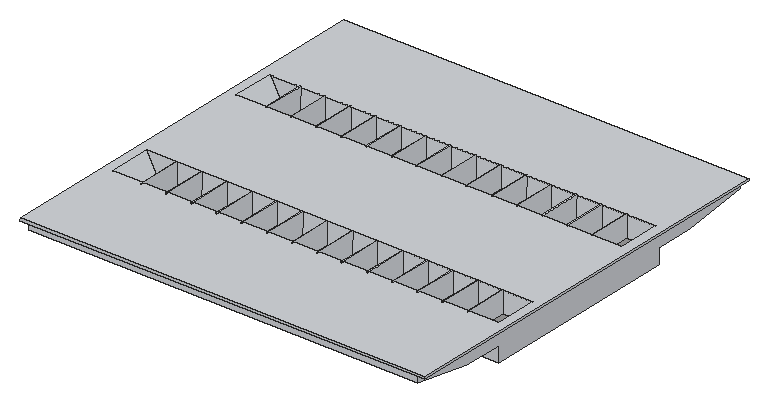
Revit family "0052577 Sylvania Lighting Fixture RANA NEO 3500LM REC 600x600 840 CC 2L WHITE", category Lighting Fixtures, host Face, Revit 2016
Family settings
  Host = Face
  Part Type = Normal
  Round Connector Dimension = Use Diameter
  OmniClass Number = 23.80.70.00
  OmniClass Title = Lighting
  Cut with Voids When Loaded = No
  Light Source = Yes
  Shared = No
  Room Calculation Point = No
Parameters (values of type "0052577 RANA NEO 3500LM R 600 840 CC 2L WHT")
  fin7 = 37 mm
  fin3 = 332 mm
  fin2 [instance] = 368 mm
  fin 6 = 110 mm
  fin 5 = 185 mm
  fin 4 = 258 mm
  fin 3 [instance] = 318 mm
  fin 2 = 407 mm
  fin 1 = 480 mm
  Width_SYL = if([600x600_SYL], 595 mm, if([625x625_SYL], 620 mm, if([1200_SYL], 296 mm, 306 mm)))  # 595 mm
  Weight = "n/a"
  Wattage Comments = ""
  Wattage = 28 W
  WarrantyStartDate [instance] = "n/a"
  WarrantyGuarantorParts = "n/a"
  WarrantyDurationUnit = "n/a"
  WarrantyDurationParts = ""
  WarrantyDescription = "http://www.sylvania-lighting.com"
  built-in parameter 1150110 = 1 (stored number, unit not read)
  Voltage = 0 V
  URL = "0.97"
  TypeName = "RANA NEO 3500LM REC 600x600 840 CC 2L WHITE"
  Type Image = <None>
  Type Comments = "n/a"
  built-in parameter 1114217 = 1 (stored number, unit not read)
  TopWidth_SYL = if([600x600_SYL], 295 mm, if([625x625_SYL], 295 mm, if([1200_SYL], 165 mm, 165 mm)))  # 295 mm
  Tilt Angle = -90.00°
  built-in parameter 1150109 = 1 (stored number, unit not read)
  built-in parameter 1150134 = (empty or 0)
  built-in parameter 1150113 = 1 (stored number, unit not read)
  SlopeTopWidth_SYL = if([600x600_SYL], 410 mm, if([625x625_SYL], 410 mm, if([1200_SYL], 168 mm, 168 mm)))  # 410 mm
  SlopeBottomWidth_SYL = if([600x600_SYL], 593 mm, if([625x625_SYL], 593 mm, if([1200_SYL], 244 mm, 244 mm)))  # 593 mm
  SlopeHeight_SYL = if([600x600_SYL], 17 mm, if([625x625_SYL], 17 mm, if([1200_SYL], 40 mm, 40 mm)))  # 17 mm
  SerialNumber [instance] = "n/a"
  ReflectorNumber_SYL = if([1Ref_SYL], 2, if([2Ref_SYL], 2, 3))  # 2
  ReflectorLength_SYL = Length_SYL - Inset_SYL * 2 - 5 mm  # 550 mm
  ReflectorInset_SYL = if([1Ref_SYL], 82.4 mm, if([2Ref_SYL], 30 mm, 30 mm))  # 30 mm
  Photometric Web File = "0052577.ies"
  Material_3_SYL = none
  PowerFactor = 0.95
  PowerConsumption = "Lighting"
  NominalLength = 595 mm
  NominalHeight = 60 mm
  NominalDepth = 595 mm
  Name = "RANA NEO 3500LM REC 600x600 840 CC 2L WHITE"
  ModelReference = Name  # "RANA NEO 3500LM REC 600x600 840 CC 2L WHITE"
  ModelNumber = "0052577"
  Model = Name  # "RANA NEO 3500LM REC 600x600 840 CC 2L WHITE"
  Material = "Feilo Sylvania"
  ManufacturerName = "117 lm/W"
  Manufacturer = ""
  LuminousEfficacy = ""
  built-in parameter 1150105 = 222.82 (stored number, unit not read)
  Lumens = 2800 lm
  LuminaireType = "0"
  built-in parameter 1150115 = 1 (stored number, unit not read)
  LouverNumber_SYL = if([600x600_SYL], 14, if([625x625_SYL], 14, if([1200_SYL], 28, 28)))  # 14
  LightOutputRatio = "LED"
  built-in parameter 1150137 = (empty or 0)
  built-in parameter 1150139 = (empty or 0)
  Length_SYL = if([600x600_SYL], 595 mm, if([625x625_SYL], 620 mm, if([1200_SYL], 1196 mm, 1246 mm)))  # 595 mm
  LampsType = Lamp  # "n/a"
  LampNominalLuminous = "4000 K"
  LampMacAdamStep = "80"
  LampColourTemperature = "LED"
  LampColourRenderingIndex = "16500"
  built-in parameter 1150112 = 1 (stored number, unit not read)
  built-in parameter 1150114 = 1 (stored number, unit not read)
  Lamp = "n/a"
  LED position [instance] = 410 mm
  LED inside width = 165 mm
  LED inner void = 521.5 mm
  LED Width = 290 mm
  LED Length = 568 mm
  Keynote = "n/a"
  InstallationDate [instance] = "n/a"
  Inset_SYL = 20 mm  # constant formula
  InputVoltage = "0"
  InputNominalFrequency = "4000"
  built-in parameter 1150132 = (empty or 0)
  built-in parameter 1150102 = (empty or 0)
  built-in parameter 1150107 = 3000 (stored number, unit not read)
  built-in parameter 1150138 = (empty or 0)
  IngressProtection = "IfcLightFixtureType"
  ImpactProtectionIndex = "IfcLightFixtureType"
  built-in parameter 1150106 = 2.2282 (stored number, unit not read)
  IfcExportType = "IfcLightFixtureType"
  IfcExportAs = "Class I"
  Height = 52 mm
  Emit from Rectangle Width = if([1Ref_SYL], 48 mm, TopWidth_SYL - 13 mm)  # 282 mm
  Emit from Rectangle Length = ReflectorLength_SYL - 8 mm  # 542 mm
  Emit Shape Visible in Rendering = no
  ElectricShockClassification = "117"
  built-in parameter 1150104 = 9.2903 (stored number, unit not read)
  DocumentationLiterature = "http://www.sylvania-lighting.com/product/en-int/products/0052577"
  DimmingControlOptions = "n/a"
  Material_2_SYL = none
  Dimming Lamp Color Temperature Shift = <None>
  Description = "-"
  Default Elevation = 1219.2 mm
  CreatedOn = "25/11/2019"
  CreatedBy = "@sylvania-lighting.com"
  Cost = 0
  Color Filter = 16777215
  built-in parameter 1114216 [instance] = (empty or 0)
  ClassificationValue = "EF_70_80"
  ClassificationName = "Uniclass2015"
  Material_1_SYL = none
  BarCode [instance] = "n/a"
  built-in parameter 1114218 = 1 (stored number, unit not read)
  built-in parameter 1150133 = 10 (stored number, unit not read)
  AssetType = "Fixed"
  AssetIdentifier [instance] = "n/a"
  Assembly Code = "D5020200"
  Apparent Load = 30 VA
  Material_4_SYL = none
  625x625_SYL = no
  600x600_SYL = yes
  2Ref_SYL = yes
  1Ref_SYL = no
  1200_SYL = no
Reference planes
  plane 1 "Center (Front/Back)": y = 0
  plane 2: z = 0
  plane 3 "Center (Left/Right)": x = 0
  plane 4: x = 297.5
  plane 5: x = -297.5
  plane 6: y = 297.5
  plane 7: y = -297.5
  plane 8: z = -120
  plane 9: z = -3
  plane 10: z = -12
  plane 11: z = -29
  plane 12: z = -52
  plane 13: y = -296.5
  plane 14: y = 296.5
  plane 15: y = 145
  plane 16: y = -145
  plane 17: y = 82.5
  plane 18: y = -82.5
  plane 19: x = -284
  plane 20: x = 284
  plane 21: y = 141
  plane 22: y = 86.5
  plane 23: x = -264
  plane 24: x = 257.5
  plane 25: x = -286
  plane 26: x = 286
  plane 27: y = -86.5
  plane 28: y = -141
  plane 29: x = 18.5
  plane 30: x = -18.5
  plane 31: x = 55
  plane 32: x = -55
  plane 33: x = 92.5
  plane 34: x = -92.5
  plane 35: x = 129
  plane 36: x = -129
  plane 37: x = 166
  plane 38: x = -166
  plane 39: x = -203.5
  plane 40: x = 203.5
  plane 41: x = -240
  plane 42: x = 240
  plane 43: x = 169.5
  plane 44: x = 162.5
  plane 45: x = 166.5
  plane 46: x = 165.5
Forms (mm)
  Extrusion 1, void
    sketch origin (0, 0, 0) x (1, 0, 0) y (0, 1, 0)
      loop
        line (-297.5, 297.5) -> (-297.5, -297.5) -> (297.5, -297.5) -> (297.5, 297.5) -> (-297.5, 297.5)
    from -120 to 0
  Extrusion 2, solid, detail levels medium+fine
    sketch origin (0, 0, 0) x (0, 1, 0) y (0, 0, 1)
      loop
        line (-296.5, 0) -> (-296.5, -12) -> (-205, -29) -> (-147.5, -29) -> (-147.5, -52) -> (147.5, -52) -> (147.5, -29) -> (205, -29) -> (296.5, -17.514) -> (296.5, 0) -> (-296.5, 0)
    from -286 to 286
  Extrusion 3, solid, detail levels medium+fine
    sketch origin (275, 1524, 1219.2) x (0, 1, 0) y (0, 0, 1)
      loop
        line (-1226.5, -1222.2) -> (-1226.5, -1219.2) -> (-1820.5, -1219.2) -> (-1820.5, -1222.2) -> (-1226.5, -1222.2)
    from 11 to 22.5
  Extrusion 4, solid, detail levels medium+fine
    sketch origin (-275, 1524, 1219.2) x (0, 1, 0) y (0, 0, 1)
      loop
        line (-1820.5, -1222.2) -> (-1227.5, -1222.2) -> (-1227.5, -1219.2) -> (-1820.5, -1219.2) -> (-1820.5, -1222.2)
    from -11 to -22.5
  Extrusion 5, solid, detail levels medium+fine
    sketch origin (0, 0, 0) x (0, 1, 0) y (0, 0, 1)
      loop
        line (-297.5, 0) -> (-297.5, -3) -> (-296.5, -3) -> (-296.5, 0) -> (-297.5, 0)
      loop
        line (297.5, -3) -> (297.5, 0) -> (296.5, 0) -> (296.5, -3) -> (297.5, -3)
    from -297.5 to 297.5
  Blend 6, void
    base sketch origin (0, 0, 0) x (1, 0, 0) y (0, 1, 0)
      loop
        line (-284, 145) -> (-284, 82.5) -> (284, 82.5) -> (284, 145) -> (-284, 145)
    top sketch origin (0, 0, 0) x (1, 0, 0) y (0, 1, 0)
      loop
        line (-264, 141) -> (-264, 86.5) -> (257.5, 86.5) -> (257.5, 141) -> (-264, 141)
    from 0 to -29
  Blend 7, void
    base sketch origin (0, 0, 0) x (1, 0, 0) y (0, 1, 0)
      loop
        line (-284, -82.5) -> (-284, -145) -> (284, -145) -> (284, -82.5) -> (-284, -82.5)
    top sketch origin (0, 0, 0) x (1, 0, 0) y (0, 1, 0)
      loop
        line (257.5, -86.5) -> (-264, -86.5) -> (-264, -141) -> (257.5, -141) -> (257.5, -86.5)
    from 0 to -29
  Extrusion 8, solid, detail levels fine
    sketch origin (0, 0, 0) x (1, 0, 0) y (0, 0, 1)
      loop
        line (162.5, -29) -> (169.5, -29) -> (166.5, 0) -> (165.5, 0) -> (162.5, -29)
    from -145 to -82.5
  Extrusion 9, solid, detail levels fine
    sketch origin (37.5, 0, 0) x (1, 0, 0) y (0, 0, 1)
      loop
        line (162.5, -29) -> (169.5, -29) -> (166.5, 0) -> (165.5, 0) -> (162.5, -29)
    from -145 to -82.5
  Extrusion 10, solid, detail levels fine
    sketch origin (74, 0, 0) x (1, 0, 0) y (0, 0, 1)
      loop
        line (162.5, -29) -> (169.5, -29) -> (166.5, 0) -> (165.5, 0) -> (162.5, -29)
    from -145 to -82.5
  Extrusion 11, solid, detail levels fine
    sketch origin (-37, 0, 0) x (1, 0, 0) y (0, 0, 1)
      loop
        line (162.5, -29) -> (169.5, -29) -> (166.5, 0) -> (165.5, 0) -> (162.5, -29)
    from -145 to -82.5
  Extrusion 12, solid, detail levels fine
    sketch origin (-73.5, 0, 0) x (1, 0, 0) y (0, 0, 1)
      loop
        line (162.5, -29) -> (169.5, -29) -> (166.5, 0) -> (165.5, 0) -> (162.5, -29)
    from -145 to -82.5
  Extrusion 13, solid, detail levels fine
    sketch origin (-111, 0, 0) x (1, 0, 0) y (0, 0, 1)
      loop
        line (162.5, -29) -> (169.5, -29) -> (166.5, 0) -> (165.5, 0) -> (162.5, -29)
    from -145 to -82.5
  Extrusion 14, solid, detail levels fine
    sketch origin (-147.5, 0, 0) x (1, 0, 0) y (0, 0, 1)
      loop
        line (162.5, -29) -> (169.5, -29) -> (166.5, 0) -> (165.5, 0) -> (162.5, -29)
    from -145 to -82.5
  Extrusion 15, solid, detail levels fine
    sketch origin (-184.5, 0, 0) x (1, 0, 0) y (0, 0, 1)
      loop
        line (162.5, -29) -> (169.5, -29) -> (166.5, 0) -> (165.5, 0) -> (162.5, -29)
    from -145 to -82.5
  Extrusion 16, solid, detail levels fine
    sketch origin (-221, 0, 0) x (1, 0, 0) y (0, 0, 1)
      loop
        line (162.5, -29) -> (169.5, -29) -> (166.5, 0) -> (165.5, 0) -> (162.5, -29)
    from -145 to -82.5
  Extrusion 17, solid, detail levels fine
    sketch origin (-258.5, 0, 0) x (1, 0, 0) y (0, 0, 1)
      loop
        line (162.5, -29) -> (169.5, -29) -> (166.5, 0) -> (165.5, 0) -> (162.5, -29)
    from -145 to -82.5
  Extrusion 18, solid, detail levels fine
    sketch origin (-295, 0, 0) x (1, 0, 0) y (0, 0, 1)
      loop
        line (162.5, -29) -> (169.5, -29) -> (166.5, 0) -> (165.5, 0) -> (162.5, -29)
    from -145 to -82.5
  Extrusion 19, solid, detail levels fine
    sketch origin (-332, 0, 0) x (1, 0, 0) y (0, 0, 1)
      loop
        line (162.5, -29) -> (169.5, -29) -> (166.5, 0) -> (165.5, 0) -> (162.5, -29)
    from -145 to -82.5
  Extrusion 20, solid, detail levels fine
    sketch origin (-369.5, 0, 0) x (1, 0, 0) y (0, 0, 1)
      loop
        line (162.5, -29) -> (169.5, -29) -> (166.5, 0) -> (165.5, 0) -> (162.5, -29)
    from -145 to -82.5
  Extrusion 21, solid, detail levels fine
    sketch origin (-406, 0, 0) x (1, 0, 0) y (0, 0, 1)
      loop
        line (162.5, -29) -> (169.5, -29) -> (166.5, 0) -> (165.5, 0) -> (162.5, -29)
    from -145 to -82.5
  Extrusion 22, solid, detail levels fine
    sketch origin (-406.072, 0, -0.017) x (1, 0, 0) y (0, 0, 1)
      loop
        line (162.5, -29) -> (169.5, -29) -> (166.5, 0) -> (165.5, 0) -> (162.5, -29)
    from 82.5 to 147.5
  Extrusion 23, solid, detail levels fine
    sketch origin (-369.572, 0, -0.017) x (1, 0, 0) y (0, 0, 1)
      loop
        line (162.5, -29) -> (169.5, -29) -> (166.5, 0) -> (165.5, 0) -> (162.5, -29)
    from 82.5 to 147.5
  Extrusion 24, solid, detail levels fine
    sketch origin (-331.998, 0, -0.017) x (1, 0, 0) y (0, 0, 1)
      loop
        line (162.5, -29) -> (169.5, -29) -> (166.5, 0) -> (165.5, 0) -> (162.5, -29)
    from 82.5 to 147.5
  Extrusion 25, solid, detail levels fine
    sketch origin (-294.998, 0, -0.017) x (1, 0, 0) y (0, 0, 1)
      loop
        line (162.5, -29) -> (169.5, -29) -> (166.5, 0) -> (165.5, 0) -> (162.5, -29)
    from 82.5 to 147.5
  Extrusion 26, solid, detail levels fine
    sketch origin (-258.498, 0, -0.017) x (1, 0, 0) y (0, 0, 1)
      loop
        line (162.5, -29) -> (169.5, -29) -> (166.5, 0) -> (165.5, 0) -> (162.5, -29)
    from 82.5 to 147.5
  Extrusion 27, solid, detail levels fine
    sketch origin (-221, 0, -0.017) x (1, 0, 0) y (0, 0, 1)
      loop
        line (162.5, -29) -> (169.5, -29) -> (166.5, 0) -> (165.5, 0) -> (162.5, -29)
    from 82.5 to 147.5
  Extrusion 28, solid, detail levels fine
    sketch origin (-184.5, 0, -0.017) x (1, 0, 0) y (0, 0, 1)
      loop
        line (162.5, -29) -> (169.5, -29) -> (166.5, 0) -> (165.5, 0) -> (162.5, -29)
    from 82.5 to 147.5
  Extrusion 29, solid, detail levels fine
    sketch origin (-147.5, 0, -0.017) x (1, 0, 0) y (0, 0, 1)
      loop
        line (162.5, -29) -> (169.5, -29) -> (166.5, 0) -> (165.5, 0) -> (162.5, -29)
    from 82.5 to 147.5
  Extrusion 30, solid, detail levels fine
    sketch origin (-111, 0, -0.017) x (1, 0, 0) y (0, 0, 1)
      loop
        line (162.5, -29) -> (169.5, -29) -> (166.5, 0) -> (165.5, 0) -> (162.5, -29)
    from 82.5 to 147.5
  Extrusion 31, solid, detail levels fine
    sketch origin (-73.5, 0, -0.017) x (1, 0, 0) y (0, 0, 1)
      loop
        line (162.5, -29) -> (169.5, -29) -> (166.5, 0) -> (165.5, 0) -> (162.5, -29)
    from 82.5 to 147.5
  Extrusion 32, solid, detail levels fine
    sketch origin (-37, 0, -0.017) x (1, 0, 0) y (0, 0, 1)
      loop
        line (162.5, -29) -> (169.5, -29) -> (166.5, 0) -> (165.5, 0) -> (162.5, -29)
    from 82.5 to 147.5
  Extrusion 33, solid, detail levels fine
    sketch origin (0, 0, -0.017) x (1, 0, 0) y (0, 0, 1)
      loop
        line (162.5, -29) -> (169.5, -29) -> (166.5, 0) -> (165.5, 0) -> (162.5, -29)
    from 82.5 to 147.5
  Extrusion 34, solid, detail levels fine
    sketch origin (37.5, 0, -0.017) x (1, 0, 0) y (0, 0, 1)
      loop
        line (162.5, -29) -> (169.5, -29) -> (166.5, 0) -> (165.5, 0) -> (162.5, -29)
    from 82.5 to 147.5
  Extrusion 35, solid, detail levels fine
    sketch origin (74, 0, -0.017) x (1, 0, 0) y (0, 0, 1)
      loop
        line (162.5, -29) -> (169.5, -29) -> (166.5, 0) -> (165.5, 0) -> (162.5, -29)
    from 82.5 to 147.5
  Extrusion 36, solid, material "Glass, White, High Luminance", detail levels fine
    sketch origin (0, 0, 0) x (1, 0, 0) y (0, 1, 0)
      loop
        line (-264, 141) -> (-264, 86.5) -> (257.5, 86.5) -> (257.5, 141) -> (-264, 141)
    from -29 to -28
  Extrusion 37, solid, material "Glass, White, High Luminance", detail levels fine
    sketch origin (0, 0, 0) x (1, 0, 0) y (0, 1, 0)
      loop
        line (-264, -86.5) -> (-264, -141) -> (257.5, -141) -> (257.5, -86.5) -> (-264, -86.5)
    from -29 to -28
  Extrusion 38, solid, detail levels coarse
    sketch origin (0, 0, 0) x (1, 0, 0) y (0, 1, 0)
      loop
        line (-297.5, 297.5) -> (-297.5, -297.5) -> (297.5, -297.5) -> (297.5, 297.5) -> (-297.5, 297.5)
    from -52 to 0
Cuts and joins
  Blend 6, Blend 7 cuts Extrusion 2
  Blend 6, Blend 7 cuts Extrusion 3
  Blend 6, Blend 7 cuts Extrusion 4
  Blend 6, Blend 7 cuts Extrusion 5
  joined: Extrusion 2, Extrusion 3, Extrusion 4, Extrusion 5
Dimensions and locks
  "Length_SYL": plane 5 to plane 4
  locked: plane 2 to plane 8 at 120
  locked: plane 2 to plane 9 at 3
  locked: plane 2 to plane 10 at 12
  "SlopeHeight_SYL": plane 11 to plane 10
  "Height": plane 2 to plane 12
  equal spacing: plane 13, plane 1 "Center (Front/Back)", plane 14
  "SlopeBottomWidth_SYL": plane 13 to plane 14
  "LED Width": plane 15 to plane 16
  equal spacing: plane 15, plane 1 "Center (Front/Back)", plane 16
  "LED inside width": plane 17 to plane 18
  equal spacing: plane 17, plane 1 "Center (Front/Back)", plane 18
  "LED Length": plane 19 to plane 20
  equal spacing: plane 19, plane 3 "Center (Left/Right)", plane 20
  "LED inner void": plane 23 to plane 24
  "fin7": plane 29 to plane 30
  equal spacing: plane 29, plane 3 "Center (Left/Right)", plane 30
  "fin 6": plane 31 to plane 32
  equal spacing: plane 31, plane 3 "Center (Left/Right)", plane 32
  "fin 5": plane 33 to plane 34
  equal spacing: plane 33, plane 3 "Center (Left/Right)", plane 34
  "fin 4": plane 35 to plane 36
  equal spacing: plane 35, plane 3 "Center (Left/Right)", plane 36
  "fin 2": plane 40 to plane 39
  equal spacing: plane 40, plane 3 "Center (Left/Right)", plane 39
  "fin3": plane 37 to plane 38
  equal spacing: plane 37, plane 3 "Center (Left/Right)", plane 38
  "fin 1": plane 42 to plane 41
  equal spacing: plane 42, plane 3 "Center (Left/Right)", plane 41
  aligned and locked: plane 2 to host face
  aligned and locked: level to host face
  aligned and locked: plane 6 to Extrusion 1 sketch curve
  aligned and locked: plane 5 to Extrusion 1 sketch curve
  aligned and locked: Extrusion 1 sketch curve to plane 7
  aligned and locked: Extrusion 1 sketch curve to plane 4
  aligned and locked: level to Extrusion 1
  aligned and locked: plane 8 to Extrusion 1
  aligned and locked: plane 2 to Extrusion 1
  aligned and locked: plane 10 to Extrusion 2 sketch curve
  aligned and locked: plane 12 to Extrusion 2 sketch curve
  aligned and locked: plane 11 to Extrusion 2 sketch curve  (x2)
  aligned and locked: Extrusion 2 sketch curve to level
  aligned and locked: Extrusion 3 sketch curve to Extrusion 2
  aligned and locked: plane 6 to Extrusion 3 sketch curve
  aligned and locked: plane 4 to Extrusion 3
  aligned and locked: cut or joined group of Extrusion 2, Extrusion 3, Extrusion 4, Extrusion 5, Blend 6, Blend 7 to Extrusion 4 sketch curve  (x3)
  aligned and locked: Extrusion 4 sketch curve to cut or joined group of Extrusion 2, Extrusion 3, Extrusion 4, Extrusion 5, Blend 6, Blend 7
  aligned and locked: Extrusion 4 to plane 5
  aligned and locked: Extrusion 3 to Extrusion 2
  aligned and locked: Extrusion 4 to Extrusion 2
  aligned and locked: plane 14 to Extrusion 2 sketch curve
  aligned and locked: plane 13 to Extrusion 2 sketch curve
  aligned and locked: Extrusion 5 sketch curve to level  (x2)
  aligned and locked: Extrusion 5 sketch curve to plane 7
  aligned and locked: Extrusion 5 sketch curve to cut or joined group of Extrusion 2, Extrusion 3, Extrusion 4, Extrusion 5, Blend 6, Blend 7  (x4)
  aligned and locked: cut or joined group of Extrusion 2, Extrusion 3, Extrusion 4, Extrusion 5, Blend 6, Blend 7 to Extrusion 5 sketch curve
  aligned and locked: Extrusion 5 to plane 5
  aligned and locked: plane 4 to Extrusion 5
Automatic sketch dimensions
  host sketch curve to host sketch curve = 1219.2 mm
  host sketch curve to host sketch curve = 1211.616 mm
  Extrusion 2 sketch curve to plane 16 = 60 mm
  Extrusion 2 sketch curve to plane 16 = 2.5 mm
  plane 15 to Extrusion 2 sketch curve = 2.5 mm
  Extrusion 2 sketch curve to Extrusion 2 sketch curve = 57.5 mm
  plane 10 to Extrusion 2 sketch curve = 5.514 mm
  plane 9 to Extrusion 3 sketch curve = 0 mm
  Extrusion 3 sketch curve to plane 13 = 0 mm
  Blend 6 sketch curve to plane 17 = 0 mm
  Blend 6 sketch curve to plane 19 = 0 mm
  Blend 6 sketch curve to plane 20 = 0 mm
  Blend 6 sketch curve to plane 15 = 0 mm
  Blend 6 sketch curve to plane 22 = 0 mm
  Blend 6 sketch curve to plane 23 = 0 mm
  Blend 6 sketch curve to plane 24 = 0 mm
  Blend 6 sketch curve to plane 21 = 0 mm
  Blend 7 sketch curve to plane 16 = 0 mm
  Blend 7 sketch curve to plane 19 = 0 mm
  Blend 7 sketch curve to plane 20 = 0 mm
  Blend 7 sketch curve to plane 18 = 0 mm
  Blend 7 sketch curve to plane 23 = 0 mm
  Blend 7 sketch curve to plane 24 = 0 mm
  Blend 7 sketch curve to plane 28 = 0 mm
  Blend 7 sketch curve to plane 27 = 0 mm
  Extrusion 8 sketch curve to plane 11 = 0 mm
  Extrusion 8 sketch curve to plane 44 = 0 mm
  Extrusion 8 sketch curve to level = 0 mm
  Extrusion 8 sketch curve to plane 46 = 0 mm
  Extrusion 8 sketch curve to plane 45 = 0 mm
  Extrusion 8 sketch curve to plane 43 = 0 mm
  Extrusion 9 sketch curve to plane 11 = 0 mm
  Extrusion 9 sketch curve to level = 0 mm
  Extrusion 9 sketch curve to plane 40 = 3.5 mm
  Extrusion 9 sketch curve to plane 40 = 0.5 mm
  plane 40 to Extrusion 9 sketch curve = 0.5 mm
  plane 40 to Extrusion 9 sketch curve = 3.5 mm
  Extrusion 10 sketch curve to plane 11 = 0 mm
  Extrusion 10 sketch curve to level = 0 mm
  Extrusion 10 sketch curve to plane 42 = 3.5 mm
  Extrusion 10 sketch curve to plane 42 = 0.5 mm
  plane 42 to Extrusion 10 sketch curve = 0.5 mm
  plane 42 to Extrusion 10 sketch curve = 3.5 mm
  Extrusion 11 sketch curve to plane 11 = 0 mm
  Extrusion 11 sketch curve to level = 0 mm
  Extrusion 11 sketch curve to plane 35 = 3.5 mm
  Extrusion 11 sketch curve to plane 35 = 0.5 mm
  plane 35 to Extrusion 11 sketch curve = 0.5 mm
  plane 35 to Extrusion 11 sketch curve = 3.5 mm
  Extrusion 12 sketch curve to plane 11 = 0 mm
  Extrusion 12 sketch curve to level = 0 mm
  Extrusion 12 sketch curve to plane 33 = 3.5 mm
  Extrusion 12 sketch curve to plane 33 = 0.5 mm
  plane 33 to Extrusion 12 sketch curve = 0.5 mm
  plane 33 to Extrusion 12 sketch curve = 3.5 mm
  Extrusion 13 sketch curve to plane 11 = 0 mm
  Extrusion 13 sketch curve to level = 0 mm
  Extrusion 13 sketch curve to plane 31 = 3.5 mm
  Extrusion 13 sketch curve to plane 31 = 0.5 mm
  plane 31 to Extrusion 13 sketch curve = 0.5 mm
  plane 31 to Extrusion 13 sketch curve = 3.5 mm
  Extrusion 14 sketch curve to plane 11 = 0 mm
  Extrusion 14 sketch curve to level = 0 mm
  Extrusion 14 sketch curve to plane 29 = 3.5 mm
  Extrusion 14 sketch curve to plane 29 = 0.5 mm
  plane 29 to Extrusion 14 sketch curve = 0.5 mm
  plane 29 to Extrusion 14 sketch curve = 3.5 mm
  Extrusion 15 sketch curve to plane 11 = 0 mm
  Extrusion 15 sketch curve to level = 0 mm
  Extrusion 15 sketch curve to plane 30 = 3.5 mm
  Extrusion 15 sketch curve to plane 30 = 0.5 mm
  plane 30 to Extrusion 15 sketch curve = 0.5 mm
  plane 30 to Extrusion 15 sketch curve = 3.5 mm
  Extrusion 16 sketch curve to plane 11 = 0 mm
  Extrusion 16 sketch curve to level = 0 mm
  Extrusion 16 sketch curve to plane 32 = 3.5 mm
  Extrusion 16 sketch curve to plane 32 = 0.5 mm
  plane 32 to Extrusion 16 sketch curve = 0.5 mm
  plane 32 to Extrusion 16 sketch curve = 3.5 mm
  Extrusion 17 sketch curve to plane 11 = 0 mm
  Extrusion 17 sketch curve to level = 0 mm
  Extrusion 17 sketch curve to plane 34 = 3.5 mm
  Extrusion 17 sketch curve to plane 34 = 0.5 mm
  plane 34 to Extrusion 17 sketch curve = 0.5 mm
  plane 34 to Extrusion 17 sketch curve = 3.5 mm
  Extrusion 18 sketch curve to plane 11 = 0 mm
  Extrusion 18 sketch curve to level = 0 mm
  Extrusion 18 sketch curve to plane 36 = 3.5 mm
  Extrusion 18 sketch curve to plane 36 = 0.5 mm
  plane 36 to Extrusion 18 sketch curve = 0.5 mm
  plane 36 to Extrusion 18 sketch curve = 3.5 mm
  Extrusion 19 sketch curve to plane 11 = 0 mm
  Extrusion 19 sketch curve to level = 0 mm
  Extrusion 19 sketch curve to plane 38 = 3.5 mm
  Extrusion 19 sketch curve to plane 38 = 0.5 mm
  plane 38 to Extrusion 19 sketch curve = 0.5 mm
  plane 38 to Extrusion 19 sketch curve = 3.5 mm
  Extrusion 20 sketch curve to plane 11 = 0 mm
  Extrusion 20 sketch curve to level = 0 mm
  Extrusion 20 sketch curve to plane 39 = 3.5 mm
  Extrusion 20 sketch curve to plane 39 = 0.5 mm
  plane 39 to Extrusion 20 sketch curve = 0.5 mm
  plane 39 to Extrusion 20 sketch curve = 3.5 mm
  Extrusion 21 sketch curve to plane 11 = 0 mm
  Extrusion 21 sketch curve to level = 0 mm
  Extrusion 21 sketch curve to plane 41 = 3.5 mm
  Extrusion 21 sketch curve to plane 41 = 0.5 mm
  plane 41 to Extrusion 21 sketch curve = 0.5 mm
  plane 41 to Extrusion 21 sketch curve = 3.5 mm
  plane 11 to Extrusion 22 sketch curve = 0.017 mm
  Extrusion 22 sketch curve to plane 41 = 3.572 mm
  Extrusion 22 sketch curve to level = 0.017 mm
  Extrusion 22 sketch curve to plane 41 = 0.572 mm
  plane 41 to Extrusion 22 sketch curve = 0.428 mm
  plane 41 to Extrusion 22 sketch curve = 3.428 mm
  plane 11 to Extrusion 23 sketch curve = 0.017 mm
  Extrusion 23 sketch curve to plane 39 = 3.572 mm
  Extrusion 23 sketch curve to level = 0.017 mm
  Extrusion 23 sketch curve to plane 39 = 0.572 mm
  plane 39 to Extrusion 23 sketch curve = 0.428 mm
  plane 39 to Extrusion 23 sketch curve = 3.428 mm
  plane 11 to Extrusion 24 sketch curve = 0.017 mm
  Extrusion 24 sketch curve to plane 38 = 3.498 mm
  Extrusion 24 sketch curve to level = 0.017 mm
  Extrusion 24 sketch curve to plane 38 = 0.498 mm
  plane 38 to Extrusion 24 sketch curve = 0.502 mm
  plane 38 to Extrusion 24 sketch curve = 3.502 mm
  plane 11 to Extrusion 25 sketch curve = 0.017 mm
  Extrusion 25 sketch curve to plane 36 = 3.498 mm
  Extrusion 25 sketch curve to level = 0.017 mm
  Extrusion 25 sketch curve to plane 36 = 0.498 mm
  plane 36 to Extrusion 25 sketch curve = 0.502 mm
  plane 36 to Extrusion 25 sketch curve = 3.502 mm
  plane 11 to Extrusion 26 sketch curve = 0.017 mm
  Extrusion 26 sketch curve to plane 34 = 3.498 mm
  Extrusion 26 sketch curve to level = 0.017 mm
  Extrusion 26 sketch curve to plane 34 = 0.498 mm
  plane 34 to Extrusion 26 sketch curve = 0.502 mm
  plane 34 to Extrusion 26 sketch curve = 3.502 mm
  plane 11 to Extrusion 27 sketch curve = 0.017 mm
  Extrusion 27 sketch curve to plane 32 = 3.5 mm
  Extrusion 27 sketch curve to level = 0.017 mm
  Extrusion 27 sketch curve to plane 32 = 0.5 mm
  plane 32 to Extrusion 27 sketch curve = 0.5 mm
  plane 32 to Extrusion 27 sketch curve = 3.5 mm
  plane 11 to Extrusion 28 sketch curve = 0.017 mm
  Extrusion 28 sketch curve to plane 30 = 3.5 mm
  Extrusion 28 sketch curve to level = 0.017 mm
  Extrusion 28 sketch curve to plane 30 = 0.5 mm
  plane 30 to Extrusion 28 sketch curve = 0.5 mm
  plane 30 to Extrusion 28 sketch curve = 3.5 mm
  plane 11 to Extrusion 29 sketch curve = 0.017 mm
  Extrusion 29 sketch curve to plane 29 = 3.5 mm
  Extrusion 29 sketch curve to level = 0.017 mm
  Extrusion 29 sketch curve to plane 29 = 0.5 mm
  plane 29 to Extrusion 29 sketch curve = 0.5 mm
  plane 29 to Extrusion 29 sketch curve = 3.5 mm
  plane 11 to Extrusion 30 sketch curve = 0.017 mm
  Extrusion 30 sketch curve to plane 31 = 3.5 mm
  Extrusion 30 sketch curve to level = 0.017 mm
  Extrusion 30 sketch curve to plane 31 = 0.5 mm
  plane 31 to Extrusion 30 sketch curve = 0.5 mm
  plane 31 to Extrusion 30 sketch curve = 3.5 mm
  plane 11 to Extrusion 31 sketch curve = 0.017 mm
  Extrusion 31 sketch curve to plane 33 = 3.5 mm
  Extrusion 31 sketch curve to level = 0.017 mm
  Extrusion 31 sketch curve to plane 33 = 0.5 mm
  plane 33 to Extrusion 31 sketch curve = 0.5 mm
  plane 33 to Extrusion 31 sketch curve = 3.5 mm
  plane 11 to Extrusion 32 sketch curve = 0.017 mm
  Extrusion 32 sketch curve to plane 35 = 3.5 mm
  Extrusion 32 sketch curve to level = 0.017 mm
  Extrusion 32 sketch curve to plane 35 = 0.5 mm
  plane 35 to Extrusion 32 sketch curve = 0.5 mm
  plane 35 to Extrusion 32 sketch curve = 3.5 mm
  Extrusion 33 sketch curve to plane 44 = 0 mm
  Extrusion 33 sketch curve to plane 46 = 0 mm
  Extrusion 33 sketch curve to plane 45 = 0 mm
  Extrusion 33 sketch curve to plane 43 = 0 mm
  plane 11 to Extrusion 33 sketch curve = 0.017 mm
  Extrusion 33 sketch curve to level = 0.017 mm
  plane 11 to Extrusion 34 sketch curve = 0.017 mm
  Extrusion 34 sketch curve to plane 40 = 3.5 mm
  Extrusion 34 sketch curve to level = 0.017 mm
  Extrusion 34 sketch curve to plane 40 = 0.5 mm
  plane 40 to Extrusion 34 sketch curve = 0.5 mm
  plane 40 to Extrusion 34 sketch curve = 3.5 mm
  plane 11 to Extrusion 35 sketch curve = 0.017 mm
  Extrusion 35 sketch curve to plane 42 = 3.5 mm
  Extrusion 35 sketch curve to level = 0.017 mm
  Extrusion 35 sketch curve to plane 42 = 0.5 mm
  plane 42 to Extrusion 35 sketch curve = 0.5 mm
  plane 42 to Extrusion 35 sketch curve = 3.5 mm
  Extrusion 36 sketch curve to plane 22 = 0 mm
  Extrusion 36 sketch curve to plane 23 = 0 mm
  Extrusion 36 sketch curve to plane 24 = 0 mm
  Extrusion 36 sketch curve to plane 21 = 0 mm
  Extrusion 37 sketch curve to plane 23 = 0 mm
  Extrusion 37 sketch curve to plane 24 = 0 mm
  Extrusion 37 sketch curve to plane 28 = 0 mm
  Extrusion 37 sketch curve to plane 27 = 0 mm
  Extrusion 38 sketch curve to plane 5 = 0 mm
  Extrusion 38 sketch curve to plane 4 = 0 mm
  plane 7 to Extrusion 38 sketch curve = 0 mm
  plane 6 to Extrusion 38 sketch curve = 0 mm
Connectors
  electrical at (0, 0, -52), driven by "Voltage", driven by "Apparent Load", driven by "PowerFactor"
    settings: on cut or joined group of Extrusion 2, Extrusion 3, Extrusion 4, Extrusion 5, Blend 6, Blend 7, index 1, voltage 0 V, apparent load 30 VA, apparent load phase1 0 VA, apparent load phase2 0 VA, apparent load phase3 0 VA, power factor 0.95, load classification "Lighting", number of poles 1, system type 30, power factor state 1, is connector primary yes, connector utility no, sub classification motor no, connector description ""
